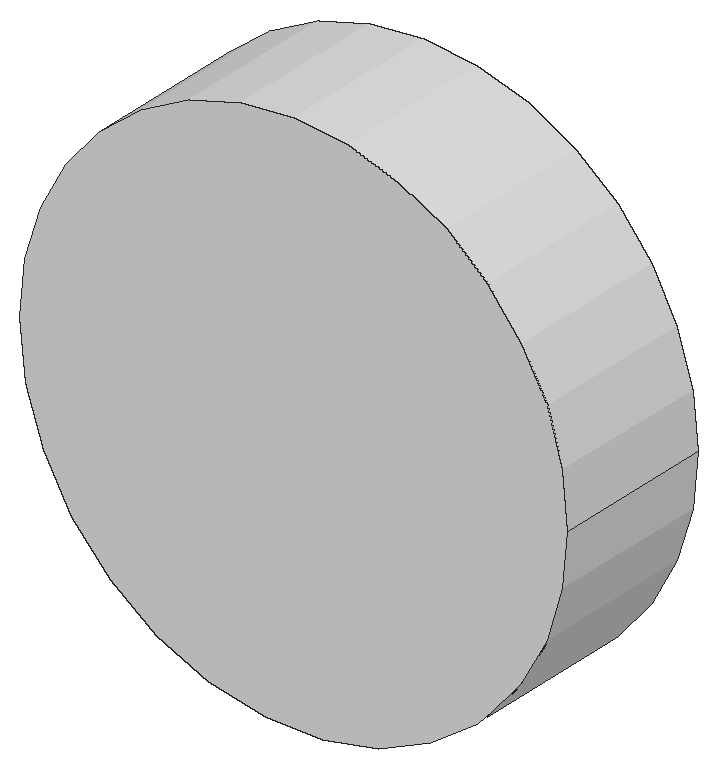
Revit family "IEK_Светильник_ДПБ_3001-3205_IP54_Настенный_LOD2_R19", category Осветительные приборы, Revit 2019
Family settings
  Размер круглого соединителя = Использовать диаметр
  Тип детали = Нормальный
  На основе рабочей плоскости = Нет
  Всегда вертикально = Да
  При загрузке вырезать с полостями = Нет
  Источник света = Нет
  Общий = Нет
  Точка расчета площади = Нет
Parameters (values of type "ДПБ3001_12Вт_900лм_4000К_Накладной_Пластик_Белый")
  УГО_А_верт [instance] = no
  УГО_А_180гр [instance] = no
  УГО_А_-90гр [instance] = no
  УГО_А_+90гр [instance] = no
  Лампа = "Светодиод. источник света (LED)"
  Изготовитель = "IEK"  # constant formula
  URL = "https://www.iek.ru/"
  KSI_CPr_Строительные изделия = "ЭЛ 40 50 50 30"  # constant formula
  KSI_CMa_Строительные материалы = "01.7.14.02"  # constant formula
  IEK_Частота = "50 Гц"
  IEK_Цветовая температура = "4000 К"
  IEK_Цвет = "Белый"
  IEK_УГО_Смещение по оси Y [instance] = 1250 mm
  IEK_УГО_Смещение по оси X [instance] = 1000 mm
  IEK_УГО_Рабочее освещение [instance] = yes
  IEK_УГО_Аварийное освещение [instance] = not(IEK_УГО_Рабочее освещение)  # no
  IEK_Тип лампы = "LED"
  IEK_Температура эксплуатации = "-20...+40 °C"
  IEK_Степень защиты = "IP54"
  IEK_Срок службы = "30 000 часов"
  IEK_Серия = "ДПБ3001"
  IEK_Световой поток = "900 лм"
  IEK_Редактор = ""
  IEK_Разработчик = "Созутов ВД"  # constant formula
  IEK_Описание = "Светильники предназначены для внутреннего освещения бытовых и общественных помещений.\r\nДекоративная накладка и высокая степень защиты от пыли и влаги создают уникальный продукт, который подойдёт для ванных комнат и помещений с высокой влажностью.\r\nПрименение светодиодных технологий позволяет обеспечить время работы светильника до 30 000 часов.\r\nЛаконичный дизайн."
  IEK_Монтажная температура = ""
  IEK_Конфигуратор = ""
  IEK_Класс защиты = "II"
  IEK_Индекс цветопередачи = "80-89 (класс 1B)"
  IEK_Замена = ""
  IEK_Гарантийный срок = "2 года"
  IEK_Вид климатического исполнения = ""
  IEK_Блок аварийного питания = no
  IEK_URL_Сертификат = "https://www.iek.ru/local/components/iek/prodcat.catalog.detail/download.php?hash=8113cb2b0c5c161a740a755c694e89dc057a641d6aacfea6050ab1a33c4e1178"
  IEK_URL_Паспорт изделия = "https://www.iek.ru/local/components/iek/prodcat.catalog.detail/download.php?hash=3807fcf04c3c2e3eea93f831052f966d73758310ea979b7808a5c757a4ba8def"
  IEK_URL_Изображение = "https://www.iek.ru/upload/iek.prodcat/file/0254a13963f3d29bf0054cbd225642024019f02ccecbe0dd4dc9c95784a9f6c0.png"
  IEK_URL_IES = ""
  IEK_URL = "https://www.iek.ru/products/catalog/svetotekhnika/kommunalnoe_i_bytovoe_osveshchenie/svetilniki_dekorativnye/svetilniki_dpb_3001_3008/svetilnik_svetodiodnyy_dpb_3001_12vt_ip54_4000k_krug_belyy_iek"
  IEK_LOD = "LOD200"  # constant formula
  IEK_ID = "#100204040001"
  ADSK_Этаж [instance] = ""
  ADSK_Ток = ADSK_Номинальная мощность / (ADSK_Коэффициент мощности * ADSK_Напряжение * sqrt(ADSK_Количество фаз))  # 0.109091 A
  ADSK_Размер_Радиус = 110 mm
  ADSK_Размер_ДиаметрИзделия = ADSK_Размер_Радиус * 2  # 220 mm
  ADSK_Размер_Диаметр = 10 mm
  ADSK_Размер_Высота = 65 mm
  ADSK_Примечание [instance] = ""
  ADSK_Полная мощность = ADSK_Номинальная мощность / ADSK_Коэффициент мощности  # 24 VA
  ADSK_Позиция [instance] = ""
  ADSK_Обозначение = ""
  ADSK_Номинальная мощность = 12 W
  ADSK_Напряжение = 220 V
  ADSK_Наименование краткое = "Светильник LED ДПБ 3001 12Вт IP54"
  ADSK_Наименование = "Светильник LED ДПБ 3001 12Вт IP54 4000K круг белый IEK"
  ADSK_Материал обозначение = "Плафон - полипропилен"
  ADSK_Материал наименование = "Корпус - полипропилен"
  ADSK_Материал = Белый
  ADSK_Масса_Текст = "0,5 Кг"
  ADSK_Масса = 0.5
  ADSK_Марка = "ДПБ 3001"
  ADSK_Коэффициент мощности = 0.5
  ADSK_Количество фаз = 1
  ADSK_Код изделия = "LDPB0-3001-12-4000-K01"
  ADSK_Классификация нагрузок = Освещение
  ADSK_Завод-изготовитель = "IEK"  # constant formula
  ADSK_Единица измерения = "шт"  # constant formula
  ADSK_Группирование = "Светильники, светоуказатели, световые табло"  # constant formula
  ADSK_Версия семейства = "1.0"  # constant formula
  ADSK_Версия Revit = "2019"  # constant formula
  ADSK_URL страницы изделия = "https://www.iek.ru/products/catalog/svetotekhnika/kommunalnoe_i_bytovoe_osveshchenie/svetilniki_dekorativnye/svetilniki_dpb_3001_3008/svetilnik_svetodiodnyy_dpb_3001_12vt_ip54_4000k_krug_belyy_iek"
  ADSK_URL документации изделия = "https://www.iek.ru/local/components/iek/prodcat.catalog.detail/download.php?hash=3807fcf04c3c2e3eea93f831052f966d73758310ea979b7808a5c757a4ba8def"
Types (12, lengths in mm): name | IEK_Серия | IEK_Световой поток | IEK_URL_Изображение | IEK_URL_IES | IEK_URL | IEK_ID | ADSK_Ток | ADSK_Размер_Радиус | ADSK_Размер_ДиаметрИзделия | ADSK_Полная мощность | ADSK_Номинальная мощность | ADSK_Наименование краткое | ADSK_Наименование | ADSK_Материал | ADSK_Масса_Текст | ADSK_Масса | ADSK_Марка | ADSK_Коэффициент мощности | ADSK_Код изделия | ADSK_URL страницы изделия
  (no name) | "ДПБ3001" | "900 лм" | "https://www.iek.ru/upload/iek.prodcat/file/0254a13963f3d29bf0054cbd225642024019f02ccecbe0dd4dc9c95784a9f6c0.png" | "" | "https://www.iek.ru/products/catalog/svetotekhnika/kommunalnoe_i_bytovoe_osveshchenie/svetilniki_dekorativnye/svetilniki_dpb_3001_3008/svetilnik_svetodiodnyy_dpb_3001_12vt_ip54_4000k_krug_belyy_iek" | "#100204040001" | 0.109091 A | 110 | 220 | 24 VA | 12 W | "Светильник LED ДПБ 3001 12Вт IP54" | "Светильник LED ДПБ 3001 12Вт IP54 4000K круг белый IEK" | Белый | "0,5 Кг" | 0.5 | "ДПБ 3001" | 0.5 | "LDPB0-3001-12-4000-K01" | "https://www.iek.ru/products/catalog/svetotekhnika/kommunalnoe_i_bytovoe_osveshchenie/svetilniki_dekorativnye/svetilniki_dpb_3001_3008/svetilnik_svetodiodnyy_dpb_3001_12vt_ip54_4000k_krug_belyy_iek"
  ДПБ3001_12Вт_900лм_4000К_Накладной_Пластик_Белый | "ДПБ3001" | "900 лм" | "https://www.iek.ru/upload/iek.prodcat/file/0254a13963f3d29bf0054cbd225642024019f02ccecbe0dd4dc9c95784a9f6c0.png" | "" | "https://www.iek.ru/products/catalog/svetotekhnika/kommunalnoe_i_bytovoe_osveshchenie/svetilniki_dekorativnye/svetilniki_dpb_3001_3008/svetilnik_svetodiodnyy_dpb_3001_12vt_ip54_4000k_krug_belyy_iek" | "#100204040001" | 0.109091 A | 110 | 220 | 24 VA | 12 W | "Светильник LED ДПБ 3001 12Вт IP54" | "Светильник LED ДПБ 3001 12Вт IP54 4000K круг белый IEK" | Белый | "0,5 Кг" | 0.5 | "ДПБ 3001" | 0.5 | "LDPB0-3001-12-4000-K01" | "https://www.iek.ru/products/catalog/svetotekhnika/kommunalnoe_i_bytovoe_osveshchenie/svetilniki_dekorativnye/svetilniki_dpb_3001_3008/svetilnik_svetodiodnyy_dpb_3001_12vt_ip54_4000k_krug_belyy_iek"
  ДПБ3003_18Вт_1350лм_4000К_Накладной_Пластик_Белый | "ДПБ3003" | "1350 лм" | "https://www.iek.ru/upload/iek.prodcat/file/ec1ea43fed05e6bfba6083e2669eed8332f76113ac48af66a0a66a85039492a5.png" | "https://www.iek.ru/local/components/iek/prodcat.catalog.detail/download.php?hash=344f7cf4d30d8b2277979f8d02c453319f53249d8eb1983654232c4f6f66dacc" | "https://www.iek.ru/products/catalog/svetotekhnika/kommunalnoe_i_bytovoe_osveshchenie/svetilniki_dekorativnye/svetilniki_dpb_3001_3008/svetilnik_svetodiodnyy_dpb_3003_18vt_ip54_4000k_krug_belyy_iek" | "#100204040002" | 0.0909091 A | 135 | 270 | 20 VA | 18 W | "Светильник LED ДПБ 3003 18Вт IP54" | "Светильник LED ДПБ 3003 18Вт IP54 4000K круг белый IEK" | Белый | "0,5 Кг" | 0.5 | "ДПБ 3003" | 0.9 | "LDPB0-3003-18-4000-K01" | "https://www.iek.ru/products/catalog/svetotekhnika/kommunalnoe_i_bytovoe_osveshchenie/svetilniki_dekorativnye/svetilniki_dpb_3001_3008/svetilnik_svetodiodnyy_dpb_3003_18vt_ip54_4000k_krug_belyy_iek"
  ДПБ3005_24Вт_1800лм_4000К_Накладной_Пластик_Белый | "ДПБ3005" | "1800 лм" | "https://www.iek.ru/upload/iek.prodcat/file/c12c23c3979a8912735fbf126d58229abda14c920b09a82a863a7a10104ba63c.png" | "https://www.iek.ru/local/components/iek/prodcat.catalog.detail/download.php?hash=d8e910bed52e343162221b7912182b068af902c4f036a917840c2886ad48a072" | "https://www.iek.ru/products/catalog/svetotekhnika/kommunalnoe_i_bytovoe_osveshchenie/svetilniki_dekorativnye/svetilniki_dpb_3001_3008/svetilnik_svetodiodnyy_dpb_3005_24vt_ip54_4000k_krug_belyy_iek" | "#100204040003" | 0.121212 A | 160 | 320 | 26.6667 VA | 24 W | "Светильник LED ДПБ 3005 24Вт IP54" | "Светильник LED ДПБ 3005 24Вт IP54 4000K круг белый IEK" | Белый | "0,5 Кг" | 0.5 | "ДПБ 3005" | 0.9 | "LDPB0-3005-24-4000-K01" | "https://www.iek.ru/products/catalog/svetotekhnika/kommunalnoe_i_bytovoe_osveshchenie/svetilniki_dekorativnye/svetilniki_dpb_3001_3008/svetilnik_svetodiodnyy_dpb_3005_24vt_ip54_4000k_krug_belyy_iek"
  ДПБ3007_32Вт_2400лм_4000К_Накладной_Пластик_Белый | "ДПБ3007" | "2400 лм" | "https://www.iek.ru/upload/iek.prodcat/file/c12c23c3979a8912735fbf126d58229abda14c920b09a82a863a7a10104ba63c.png" | "https://www.iek.ru/local/components/iek/prodcat.catalog.detail/download.php?hash=e67c3cd4cb4173f756e62ff1c161124bc5d235991adb0260512d4bcf653459e8" | "https://www.iek.ru/products/catalog/svetotekhnika/kommunalnoe_i_bytovoe_osveshchenie/svetilniki_dekorativnye/svetilniki_dpb_3001_3008/svetilnik_svetodiodnyy_dpb_3007_32vt_ip54_4000k_krug_belyy_iek" | "#100204040004" | 0.161616 A | 185 | 370 | 35.5556 VA | 32 W | "Светильник LED ДПБ 3007 32Вт IP54" | "Светильник LED ДПБ 3007 32Вт IP54 4000K круг белый IEK" | Белый | "1,0 Кг" | 1 | "ДПБ 3007" | 0.9 | "LDPB0-3007-32-4000-K01" | "https://www.iek.ru/products/catalog/svetotekhnika/kommunalnoe_i_bytovoe_osveshchenie/svetilniki_dekorativnye/svetilniki_dpb_3001_3008/svetilnik_svetodiodnyy_dpb_3007_32vt_ip54_4000k_krug_belyy_iek"
  ДПБ3009_40Вт_3000лм_4000К_Накладной_Пластик_Белый | "ДПБ3009" | "3000 лм" | "https://www.iek.ru/upload/iek.prodcat/file/c12c23c3979a8912735fbf126d58229abda14c920b09a82a863a7a10104ba63c.png" | "https://www.iek.ru/local/components/iek/prodcat.catalog.detail/download.php?hash=6e6de2ff6621ef6475b515ac70c2ae508e696470ee43794a8f4efec4825a8f6a" | "https://www.iek.ru/products/catalog/svetotekhnika/kommunalnoe_i_bytovoe_osveshchenie/svetilniki_dekorativnye/svetilniki_dpb_3001_3008/svetilnik_svetodiodnyy_dpb_3009_40vt_ip54_4000k_krug_belyy_iek" | "#100204040005" | 0.20202 A | 185 | 370 | 44.4444 VA | 40 W | "Светильник LED ДПБ 3009 40Вт IP54" | "Светильник LED ДПБ 3009 40Вт IP54 4000K круг белый IEK" | Белый | "1,0 Кг" | 1 | "ДПБ 3009" | 0.9 | "LDPB0-3009-40-4000-K01" | "https://www.iek.ru/products/catalog/svetotekhnika/kommunalnoe_i_bytovoe_osveshchenie/svetilniki_dekorativnye/svetilniki_dpb_3001_3008/svetilnik_svetodiodnyy_dpb_3009_40vt_ip54_4000k_krug_belyy_iek"
  ДПБ3101_12Вт_900лм_4000К_Накладной_Пластик_Серебро | "ДПБ3101" | "900 лм" | "https://www.iek.ru/upload/iek.prodcat/file/13ca14f4a7c9349860a31e514142854353056b258b07d73ac3b8c8489218b422.png" | "https://www.iek.ru/local/components/iek/prodcat.catalog.detail/download.php?hash=ce270b577896c077e14de6161a55c8f4fb77d812dbd0fda35ed3e885595718f3" | "https://www.iek.ru/products/catalog/svetotekhnika/kommunalnoe_i_bytovoe_osveshchenie/svetilniki_dekorativnye/svetilniki_dpb_3001_3008/svetilnik_svetodiodnyy_dpb_3101_12vt_ip54_4000k_krug_serebro_iek" | "#100204040006" | 0.109091 A | 110 | 220 | 24 VA | 12 W | "Светильник LED ДПБ 3101 12Вт IP54" | "Светильник LED ДПБ 3101 12Вт IP54 4000K круг серебро IEK" | Серебро | "0,5 Кг" | 0.5 | "ДПБ 3101" | 0.5 | "LDPB0-3101-12-4000-K01" | "https://www.iek.ru/products/catalog/svetotekhnika/kommunalnoe_i_bytovoe_osveshchenie/svetilniki_dekorativnye/svetilniki_dpb_3001_3008/svetilnik_svetodiodnyy_dpb_3101_12vt_ip54_4000k_krug_serebro_iek"
  ДПБ3103_18Вт_1350лм_4000К_Накладной_Пластик_Серебро | "ДПБ3103" | "1350 лм" | "https://www.iek.ru/upload/iek.prodcat/file/13ca14f4a7c9349860a31e514142854353056b258b07d73ac3b8c8489218b422.png" | "https://www.iek.ru/local/components/iek/prodcat.catalog.detail/download.php?hash=d234aa3f8cb2210402ba89380ff3991706d32379632b93a9545299ab02d021fb" | "https://www.iek.ru/products/catalog/svetotekhnika/kommunalnoe_i_bytovoe_osveshchenie/svetilniki_dekorativnye/svetilniki_dpb_3001_3008/svetilnik_svetodiodnyy_dpb_3103_18vt_ip54_4000k_krug_serebro_iek" | "#100204040007" | 0.0909091 A | 135 | 270 | 20 VA | 18 W | "Светильник LED ДПБ 3103 18Вт IP54" | "Светильник LED ДПБ 3103 18Вт IP54 4000K круг серебро IEK" | Серебро | "0,5 Кг" | 0.5 | "ДПБ 3103" | 0.9 | "LDPB0-3103-18-4000-K01" | "https://www.iek.ru/products/catalog/svetotekhnika/kommunalnoe_i_bytovoe_osveshchenie/svetilniki_dekorativnye/svetilniki_dpb_3001_3008/svetilnik_svetodiodnyy_dpb_3103_18vt_ip54_4000k_krug_serebro_iek"
  ДПБ3105_24Вт_1800лм_4000К_Накладной_Пластик_Серебро | "ДПБ3105" | "1800 лм" | "https://www.iek.ru/upload/iek.prodcat/file/13ca14f4a7c9349860a31e514142854353056b258b07d73ac3b8c8489218b422.png" | "https://www.iek.ru/local/components/iek/prodcat.catalog.detail/download.php?hash=62564720b470838240f1b5e583257abf31cfe1357534e1a6949bf7e9c5eb37bf" | "https://www.iek.ru/products/catalog/svetotekhnika/kommunalnoe_i_bytovoe_osveshchenie/svetilniki_dekorativnye/svetilniki_dpb_3001_3008/svetilnik_svetodiodnyy_dpb_3105_24vt_ip54_4000k_krug_serebro_iek" | "#100204040008" | 0.121212 A | 160 | 320 | 26.6667 VA | 24 W | "Светильник LED ДПБ 3105 24Вт IP54" | "Светильник LED ДПБ 3105 24Вт IP54 4000K круг серебро IEK" | Серебро | "0,5 Кг" | 0.5 | "ДПБ 3105" | 0.9 | "LDPB0-3105-24-4000-K01" | "https://www.iek.ru/products/catalog/svetotekhnika/kommunalnoe_i_bytovoe_osveshchenie/svetilniki_dekorativnye/svetilniki_dpb_3001_3008/svetilnik_svetodiodnyy_dpb_3105_24vt_ip54_4000k_krug_serebro_iek"
  ДПБ3201_12Вт_900лм_4000К_Накладной_Пластик_Розовое золото | "ДПБ3201" | "900 лм" | "https://www.iek.ru/upload/iek.prodcat/file/4689a63f5a0f35b2d81e2220ea46e878e70c3f4590e32b7d0030e6ec022856f9.png" | "https://www.iek.ru/local/components/iek/prodcat.catalog.detail/download.php?hash=f0eeff33e2d6aa6b2d2127d86e027d0bf62421209d4e31cdf8a4b4e1391be2ba" | "https://www.iek.ru/products/catalog/svetotekhnika/kommunalnoe_i_bytovoe_osveshchenie/svetilniki_dekorativnye/svetilniki_dpb_3001_3008/svetilnik_svetodiodnyy_dpb_3201_12vt_ip54_4000k_krug_rozovoe_zoloto_iek" | "#100204040009" | 0.109091 A | 110 | 220 | 24 VA | 12 W | "Светильник LED ДПБ 3201 12Вт IP54" | "Светильник LED ДПБ 3201 12Вт IP54 4000K круг роз. золото IEK" | Розовое золото | "0,5 Кг" | 0.5 | "ДПБ 3201" | 0.5 | "LDPB0-3201-12-4000-K01" | "https://www.iek.ru/products/catalog/svetotekhnika/kommunalnoe_i_bytovoe_osveshchenie/svetilniki_dekorativnye/svetilniki_dpb_3001_3008/svetilnik_svetodiodnyy_dpb_3201_12vt_ip54_4000k_krug_rozovoe_zoloto_iek"
  ДПБ3203_18Вт_1350лм_4000К_Накладной_Пластик_Розовое золото | "ДПБ3203" | "1350 лм" | "https://www.iek.ru/upload/iek.prodcat/file/4689a63f5a0f35b2d81e2220ea46e878e70c3f4590e32b7d0030e6ec022856f9.png" | "https://www.iek.ru/local/components/iek/prodcat.catalog.detail/download.php?hash=3d25de2d2f5df94a1d03acbe43bf78cfb12fe17fb7bc7a0b4039a80d664b626d" | "https://www.iek.ru/products/catalog/svetotekhnika/kommunalnoe_i_bytovoe_osveshchenie/svetilniki_dekorativnye/svetilniki_dpb_3001_3008/svetilnik_svetodiodnyy_dpb_3203_18vt_ip54_4000k_krug_rozovoe_zoloto_iek" | "#100204040010" | 0.0909091 A | 135 | 270 | 20 VA | 18 W | "Светильник LED ДПБ 3203 18Вт IP54" | "Светильник LED ДПБ 3203 18Вт IP54 4000K круг роз. золото IEK" | Розовое золото | "0,5 Кг" | 0.5 | "ДПБ 3203" | 0.9 | "LDPB0-3203-18-4000-K01" | "https://www.iek.ru/products/catalog/svetotekhnika/kommunalnoe_i_bytovoe_osveshchenie/svetilniki_dekorativnye/svetilniki_dpb_3001_3008/svetilnik_svetodiodnyy_dpb_3203_18vt_ip54_4000k_krug_rozovoe_zoloto_iek"
  ДПБ3205_24Вт_1800лм_4000К_Накладной_Пластик_Розовое золото | "ДПБ3205" | "1800 лм" | "https://www.iek.ru/upload/iek.prodcat/file/4689a63f5a0f35b2d81e2220ea46e878e70c3f4590e32b7d0030e6ec022856f9.png" | "https://www.iek.ru/local/components/iek/prodcat.catalog.detail/download.php?hash=17c6176e910ed46eaa11e9d41bfdc99d411c1c5b079e41db1bed4308b3c2e7c0" | "https://www.iek.ru/products/catalog/svetotekhnika/kommunalnoe_i_bytovoe_osveshchenie/svetilniki_dekorativnye/svetilniki_dpb_3001_3008/svetilnik_svetodiodnyy_dpb_3205_24vt_ip54_4000k_krug_rozovoe_zoloto_iek" | "#100204040011" | 0.121212 A | 160 | 320 | 26.6667 VA | 24 W | "Светильник LED ДПБ 3205 24Вт IP54" | "Светильник LED ДПБ 3205 24Вт IP54 4000K круг роз. золото IEK" | Розовое золото | "0,5 Кг" | 0.5 | "ДПБ 3205" | 0.9 | "LDPB0-3205-24-4000-K01" | "https://www.iek.ru/products/catalog/svetotekhnika/kommunalnoe_i_bytovoe_osveshchenie/svetilniki_dekorativnye/svetilniki_dpb_3001_3008/svetilnik_svetodiodnyy_dpb_3205_24vt_ip54_4000k_krug_rozovoe_zoloto_iek"
Reference planes
  plane 1 "По центру (Вперед/Назад)": y = 0
  plane 2: z = 0
  plane 3 "По центру (Влево/Вправо)": x = 0
  plane 4: z = 0
  plane 5: y = -1250
  plane 6: x = -1000
  plane 7: y = -65
  plane 8 "1": x = 110
  plane 9 "2": x = -110
  plane 10 "3": z = 110
  plane 11 "4": z = -110
Forms (mm)
  Extrusion 1, solid, material "Белый" <- "ADSK_Материал", detail levels medium+fine
    sketch origin (0, 0, 0) x (1, 0, 0) y (0, 0, 1)
      loop
        circle (0, 0) r 110
    from 0 to 65
Lines and regions (mm)
  Masking region 1, detail levels medium
    outline origin (71.042, 0, -6.875) x (1, 0, 0) y (0, 0, 1)
      loop
        line (-76.973, 12.797) -> (-76.973, 7.102) -> (-74.352, 7.102) -> (-74.352, 12.797) -> (-76.973, 12.797)
      loop
        line (-76.973, 15.902) -> (-76.973, 13.467) -> (-74.352, 13.467) -> (-74.352, 15.902) -> (-76.973, 15.902)
      loop
        line (-73.708, 15.902) -> (-73.708, 13.467) -> (-68.012, 13.467) -> (-68.012, 15.902) -> (-73.708, 15.902)
      loop
        line (-68.012, 12.797) -> (-73.708, 12.797) -> (-73.708, 7.102) -> (-68.012, 7.102) -> (-68.012, 9.598) -> (-71.239, 9.598) -> (-71.239, 10.38) -> (-68.012, 10.38) -> (-68.012, 12.797)
      loop
        line (-67.482, 15.902) -> (-67.482, 7.102) -> (-64.907, 7.102) -> (-64.907, 10.265) -> (-64.068, 10.265) -> (-61.934, 7.102) -> (-58.956, 7.102) -> (-62.028, 11.657) -> (-58.831, 16.223) -> (-61.579, 16.223) -> (-64.068, 12.797) -> (-64.907, 12.797) -> (-64.907, 15.902) -> (-67.482, 15.902)
  reference lines
    curve 1: line (-20, -250, 0) -> (20, -250, 0)
    curve 2: line (0, -240, 0) -> (0, -260, 0)
  reference lines, not visible
    curve 3: line (6.351, 13.986, 0) -> (46.351, 13.986, 0)
    curve 4: line (26.351, 23.986, 0) -> (26.351, 3.986, 0)
Text (mm)
  text "sozutov" at (-20.187, 0, 2.267), in view "Спереди"
Dimensions and locks
  "IEK_УГО_Смещение по оси X": plane 6 to plane 3 "По центру (Влево/Вправо)"
  "IEK_УГО_Смещение по оси Y": plane 5 to plane 1 "По центру (Вперед/Назад)"
  locked: plane 6 to curve 2 at 1000
  locked: plane 5 to curve 1 at 1000
  "ADSK_Размер_Высота": plane 1 "По центру (Вперед/Назад)" to plane 7
  "ADSK_Размер_Радиус": plane 3 "По центру (Влево/Вправо)" to plane 8 "1"
  "ADSK_Размер_Радиус": plane 9 "2" to plane 3 "По центру (Влево/Вправо)"
  "ADSK_Размер_Радиус": plane 10 "3" to plane 2
  "ADSK_Размер_Радиус": plane 2 to plane 11 "4"
  "ADSK_Размер_Радиус": radius of Extrusion 1 sketch curve
  aligned and locked: level to plane 2
  aligned and locked: nested 1 to curve 2
  aligned and locked: curve 1 to nested 1
  aligned and locked: nested 2 to curve 4
  aligned and locked: curve 3 to nested 2
  aligned and locked: Extrusion 1 to plane 1 "По центру (Вперед/Назад)"
  aligned and locked: Extrusion 1 to plane 7
Automatic sketch dimensions
  level to Masking region 1 sketch curve = 5.922 mm  (x2)
  Masking region 1 sketch curve to plane 3 "По центру (Влево/Вправо)" = 5.932 mm
  Masking region 1 sketch curve to Masking region 1 sketch curve = 0 mm  (x8)
  Masking region 1 sketch curve to Masking region 1 sketch curve = 2.621 mm  (x2)
  Masking region 1 sketch curve to Masking region 1 sketch curve = 0.644 mm  (x2)
  Masking region 1 sketch curve to Masking region 1 sketch curve = 2.469 mm
  Masking region 1 sketch curve to Masking region 1 sketch curve = 3.227 mm
  Masking region 1 sketch curve to Masking region 1 sketch curve = 0.53 mm
  Masking region 1 sketch curve to Masking region 1 sketch curve = 2.575 mm
  Masking region 1 sketch curve to Masking region 1 sketch curve = 0.839 mm  (x2)
  level to Masking region 1 sketch curve = 4.782 mm
  Masking region 1 sketch curve to Masking region 1 sketch curve = 2.04 mm
  level to Masking region 1 sketch curve = 9.348 mm
  Masking region 1 sketch curve to Masking region 1 sketch curve = 3.328 mm
  Masking region 1 sketch curve to Masking region 1 sketch curve = 2.748 mm
  Masking region 1 sketch curve to Masking region 1 sketch curve = 2.418 mm
  Masking region 1 sketch curve to Masking region 1 sketch curve = 1.392 mm
  Masking region 1 sketch curve to Masking region 1 sketch curve = 0.782 mm
  Masking region 1 sketch curve to Masking region 1 sketch curve = 2.496 mm
  Masking region 1 sketch curve to Masking region 1 sketch curve = 0.669 mm  (x2)
  Masking region 1 sketch curve to Masking region 1 sketch curve = 2.435 mm  (x2)
  Masking region 1 sketch curve to Masking region 1 sketch curve = 2.972 mm
  level to Masking region 1 sketch curve = 0.227 mm
  Masking region 1 sketch curve to Masking region 1 sketch curve = 2.978 mm
  curve 1 to curve 2 = 20 mm
  curve 2 to curve 1 = 20 mm
  curve 2 to curve 1 = 10 mm
  curve 2 to curve 2 = 20 mm
  curve 3 to curve 4 = 20 mm
  curve 4 to curve 3 = 20 mm
  curve 4 to curve 3 = 10 mm
  curve 4 to curve 4 = 20 mm
  Extrusion 1 sketch curve to level = 0 mm
  Extrusion 1 sketch curve to plane 3 "По центру (Влево/Вправо)" = 0 mm
Nested families
  nested 1: "IEK_УГО светильник круглый" at (0, -250, 0), type "Стандарт", detail levels coarse+medium
  nested 2: "IEK_УГО светильник круглый" at (26.351, 13.986, 0), type "Стандарт", not visible, detail levels coarse+medium
Connectors
  electrical at (0, 0, 0), driven by "ADSK_Классификация нагрузок", driven by "ADSK_Напряжение", driven by "ADSK_Полная мощность", driven by "ADSK_Коэффициент мощности"
    settings: on Extrusion 1, index 1, voltage 220 V, apparent load 0 VA, apparent load phase1 24 VA, apparent load phase2 0 VA, apparent load phase3 0 VA, power factor 0.5, load classification "Освещение", number of poles 1, system type 31, power factor state 1, is connector primary yes, connector utility no, sub classification motor no, connector description ""
  cabletrayconduit at (110, -10, 0), diameter 10, driven by "ADSK_Размер_Диаметр"
    settings: index 2, connector width 300 mm, connector height 300 mm, connector angle 0.00°, system type 32, placement type 0, profile type 0, connector reference index 3, is primary connector no, connector utility param no, connector description ""
  cabletrayconduit at (-110, -10, 0), diameter 10, driven by "ADSK_Размер_Диаметр"
    settings: index 3, connector width 300 mm, connector height 300 mm, connector angle 0.00°, system type 32, placement type 0, profile type 0, connector reference index 2, is primary connector yes, connector utility param no, connector description ""
  cabletrayconduit at (0, -10, 110), diameter 10, driven by "ADSK_Размер_Диаметр"
    settings: index 4, connector width 300 mm, connector height 300 mm, connector angle 0.00°, system type 32, placement type 0, profile type 0, connector reference index 5, is primary connector no, connector utility param no, connector description ""
  cabletrayconduit at (0, -10, -110), diameter 10, driven by "ADSK_Размер_Диаметр"
    settings: index 5, connector width 300 mm, connector height 300 mm, connector angle 0.00°, system type 32, placement type 0, profile type 0, connector reference index 4, is primary connector no, connector utility param no, connector description ""
Definition of nested family "IEK_УГО светильник круглый"
  Parameters (values of type "Стандарт")
    Рабочая линия = no
    Аварийная линия = yes
    (А) -90гр = no
    (А) - Верт = yes
    (А) - 180гр = no
    (А) +90гр = no
  Reference planes
    plane 1: y = 0
    plane 2: x = 0
  Lines and regions (mm)
    detail lines, visible <- "(А) - Верт"
      curve 1: line (-0.742, -1.009, 0) -> (0, 1.031, 0)
      curve 2: line (0, 1.031, 0) -> (0.75, -1.031, 0)
      curve 3: line (-0.568, -0.53, 0) -> (0.568, -0.53, 0)
    detail lines, visible <- "Рабочая линия"
      curve 4: circle (0, 0, 0) r 2.5 normal (0, 0, 1)
    detail lines, visible <- "Аварийная линия"
      curve 5: circle (0, 0, 0) r 2.5 normal (0, 0, 1)
    detail lines, visible <- "(А) - 180гр"
      curve 6: line (0.742, 1.009, 0) -> (0, -1.031, 0)
      curve 7: line (0, -1.031, 0) -> (-0.75, 1.031, 0)
      curve 8: line (0.568, 0.53, 0) -> (-0.568, 0.53, 0)
    detail lines, visible <- "(А) -90гр"
      curve 9: line (0.893, -0.746, 0) -> (-1.147, -0.004, 0)
      curve 10: line (-1.147, -0.004, 0) -> (0.914, 0.746, 0)
      curve 11: line (0.414, -0.572, 0) -> (0.414, 0.564, 0)
    detail lines, visible <- "(А) +90гр"
      curve 12: line (-0.872, 0.746, 0) -> (1.167, 0.004, 0)
      curve 13: line (1.167, 0.004, 0) -> (-0.894, -0.746, 0)
      curve 14: line (-0.394, 0.572, 0) -> (-0.394, -0.564, 0)
